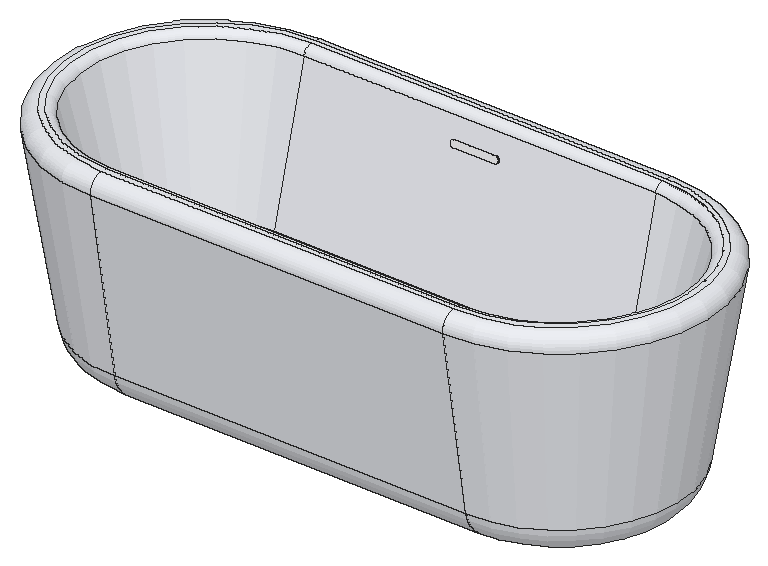
Revit family "Bathtub-Freestanding-American_Standard-Kipling_Ovale-2767.034", category Plumbing Fixtures, Revit 2014
Parameters (values of type "2767.034")
  cUPC Compliant = yes
  Width = 31 3/4"
  Water Connection Diameter = 2 1/8"
  Waste Connection = yes
  Warranty Information = "Limited Lifetime warranty"
  WFU = 4
  Vent Connection = no
  URL = "https://www.americanstandard-us.com/"
  Tub Finish = Acrylic-American Standard-020-High Gloss White
  Shipping Weight = 112 lbf
  Product Page URL = "https://www.americanstandard-us.com/bathroom/bathtubs/kipling-ovale-freestanding-tub-24520"
  Product Documentation Link = "https://www.americanstandard-us.com/-/media/specsheet_2767034020.pdf?la=en"
  Price = "Prices may vary. Please consult Manufacturer Representative for most up-to-date price list."  # constant formula
  Overflow Finish = Metal-American Standard-002-Polished Chrome
  Model = "2767.034"
  Material = "Acrylic-American Standard-020-High Gloss White"
  Manufacturer = "American Standard"
  Length = 69 5/8"
  Installation Type = "Floor Mount"
  Height = 23 5/8"
  HWFU = 3
  HW Connection = yes
  Description = "Kipling Ovale Freestanding Tub"
  Default Elevation = 0"
  Creation Date = "02/01/2018"  # constant formula
  CWFU = 3
  CW Connection = yes
  Assembly Code = "D2010510"
Reference planes (in)
  plane 1 "Center (Front/Back)": y = 0
  plane 2: z = 0
  plane 3 "Center (Left/Right)": x = 0
  plane 4: y = -31.75
  plane 5: x = 2.5625
  plane 6: x = -2.5625
  plane 7: z = 23.625
  plane 8: x = 34.8125
  plane 9: x = -34.8125
  plane 10: z = 6.25
  plane 11: y = -15.875
  plane 12: y = -3.125
  plane 13: y = -11
  plane 14: z = 20.5
  plane 15: x = 31.6875
Forms (in)
  Sweep 1, solid, material "Acrylic-American Standard-020-High Gloss White" <- "Tub Finish"
    path origin (0, 0, 0) x (1, 0, 0) y (0, 1, 0)
      loop
        line (18.9375, 0) -> (-18.9375, 0)
        arc (-18.9375, 0) -> (-34.8125, -15.875) -> (-18.9375, -31.75) r 15.875
        line (-18.9375, -31.75) -> (18.9375, -31.75)
        arc (18.9375, -31.75) -> (34.8125, -15.875) -> (18.9375, 0) r 15.875
    profile origin (0, 0, 0) x (0, -1, 0) y (0, 0, 1)
      loop
        line (6.86629, 0) -> (9.22656, 0) -> (9.22656, 6.25) -> (9.04183, 6.25)
        arc (9.04183, 6.25) -> (7.82431, 6.66329) -> (7.10998, 7.73236) r 2
        line (7.10998, 7.73236) -> (3.05016, 22.88382)
        arc (3.05016, 22.88382) -> (2.693, 23.41835) -> (2.08424, 23.625) r 1
        line (2.08424, 23.625) -> (1.49943, 23.625)
        arc (1.49943, 23.625) -> (0.35431, 23.09387) -> (0.02014, 21.87661) r 1.5
        line (0.02014, 21.87661) -> (3.16806, 3.12903)
        arc (3.16806, 3.12903) -> (4.44412, 0.88721) -> (6.86629, 0) r 3.75
  Extrusion 2, void
    sketch origin (0, 0, 0) x (1, 0, 0) y (0, 1, 0)
      loop
        circle (0, -11) r 1.0625
    from 0 to 7.71161
  Extrusion 3, solid, material "Metal-American Standard-002-Polished Chrome" <- "Overflow Finish"
    sketch origin (0, -9.46594, -17.8796) x (1, 0, 0) y (0, 0.244186, 0.969728)
      loop
        arc (-2.20004, 39.02191) -> (-2.5625, 38.65946) -> (-2.20004, 38.297) r 0.36246
        line (-2.20004, 38.297) -> (2.20004, 38.297)
        arc (2.20004, 38.297) -> (2.5625, 38.65946) -> (2.20004, 39.02191) r 0.36246
        line (2.20004, 39.02191) -> (-2.20004, 39.02191)
    from 3.5667 to 3.82748
  Extrusion 4, solid, material "Acrylic-American Standard-020-High Gloss White" <- "Tub Finish"
    sketch origin (0, 0, 0) x (1, 0, 0) y (0, 1, 0)
      loop
        arc (-18.9375, -9.22656) -> (-25.58594, -15.875) -> (-18.9375, -22.52344) r 6.64844
        line (-18.9375, -22.52344) -> (18.9375, -22.52344)
        arc (18.9375, -22.52344) -> (25.58594, -15.875) -> (18.9375, -9.22656) r 6.64844
        line (18.9375, -9.22656) -> (-18.9375, -9.22656)
    from 0 to 6.25
Cuts and joins
  Extrusion 2 cuts Sweep 1
  Extrusion 2 cuts Extrusion 4
  joined: Sweep 1, Extrusion 4
Lines and regions (in)
  Masking region 1
    outline origin (0, 0, 0) x (1, 0, 0) y (0, 1, 0)
      loop
        arc (-19.00682, 0) -> (-34.88182, -15.875) -> (-19.00682, -31.75) r 15.875
        line (-19.00682, -31.75) -> (18.93784, -31.75)
        arc (18.93784, -31.75) -> (34.81284, -15.875) -> (18.93784, 0) r 15.875
        line (18.93784, 0) -> (-19.00682, 0)
  symbolic lines, detail levels medium+fine
    curve 1: line (-19.00324, -2.97451, 0) -> (18.89873, -2.97451, 0)
    curve 2: line (-19.00324, -28.74515, 0) -> (18.89873, -28.74515, 0)
    curve 3: arc (-19.00324, -28.74515, 0) -> (-31.88856, -15.85983, 0) -> (-19.00324, -2.97451, 0) r 12.88532
    curve 4: arc (18.89873, -2.97451, 0) -> (31.78405, -15.85983, 0) -> (18.89873, -28.74515, 0) r 12.88532
  symbolic lines, detail levels fine
    curve 5: line (-18.99678, -7.2477, 0) -> (19.10682, -7.2477, 0)
    curve 6: line (-18.99678, -24.5377, 0) -> (19.10682, -24.5377, 0)
    curve 7: arc (-18.99678, -7.2477, 0) -> (-27.64178, -15.8927, 0) -> (-18.99678, -24.5377, 0) r 8.645
    curve 8: arc (19.10682, -24.5377, 0) -> (27.75181, -15.8927, 0) -> (19.10682, -7.2477, 0) r 8.645
    curve 9: circle (0, -11, 0) r 1.0625 normal (0, 0, 1)
    curve 10: line (-2.20004, -3.64894, 0) -> (2.20004, -3.64894, 0)
    curve 11: line (-2.2009, -3.58674, 0) -> (2.2009, -3.58674, 0)
    curve 12: line (-2.20004, -3.82596, 0) -> (2.20004, -3.82596, 0)
    curve 13: arc (-2.20004, -3.64894, 0) -> (-2.31222, -3.65544, 0) -> (-2.42381, -3.66852, 0) r 1.91109
    curve 14: arc (-2.42381, -3.66852, 0) -> (-2.47818, -3.68126, 0) -> (-2.52964, -3.70291, 0) r 0.33256
    curve 15: arc (-2.52964, -3.70291, 0) -> (-2.54476, -3.71247, 0) -> (-2.55813, -3.72437, 0) r 0.10955
    curve 16: arc (-2.55813, -3.72437, 0) -> (-2.56236, -3.74168, 0) -> (-2.55407, -3.75745, 0) r 0.02516
    curve 17: arc (-2.55407, -3.75745, 0) -> (-2.51022, -3.78567, 0) -> (-2.4599, -3.79938, 0) r 0.17108
    curve 18: arc (-2.4599, -3.79938, 0) -> (-2.3814, -3.81376, 0) -> (-2.30198, -3.82157, 0) r 0.95886
    curve 19: arc (-2.30198, -3.82157, 0) -> (-2.25103, -3.8241, 0) -> (-2.20004, -3.82596, 0) r 3.81882
    curve 20: line (-2.56254, -3.73861, 0) -> (-2.56254, -3.67864, 0)
    curve 21: arc (-2.56254, -3.67864, 0) -> (-2.55092, -3.65715, 0) -> (-2.53125, -3.64265, 0) r 0.05607
    curve 22: arc (-2.53125, -3.64265, 0) -> (-2.49011, -3.62308, 0) -> (-2.44602, -3.61162, 0) r 0.24046
    curve 23: arc (-2.44602, -3.61162, 0) -> (-2.3702, -3.59697, 0) -> (-2.29328, -3.59016, 0) r 0.7527
    curve 24: arc (-2.29328, -3.59016, 0) -> (-2.24712, -3.58759, 0) -> (-2.2009, -3.58674, 0) r 1.24992
    curve 25: arc (2.20004, -3.64894, 0) -> (2.31222, -3.65544, 0) -> (2.42381, -3.66852, 0) r 1.91109
    curve 26: arc (2.42381, -3.66852, 0) -> (2.47818, -3.68126, 0) -> (2.52964, -3.70291, 0) r 0.33256
    curve 27: arc (2.52964, -3.70291, 0) -> (2.54738, -3.7145, 0) -> (2.56254, -3.72929, 0) r 0.10955
    curve 28: arc (2.55813, -3.72437, 0) -> (2.56236, -3.74168, 0) -> (2.55407, -3.75745, 0) r 0.02516
    curve 29: arc (2.55407, -3.75745, 0) -> (2.51022, -3.78567, 0) -> (2.4599, -3.79938, 0) r 0.17108
    curve 30: arc (2.4599, -3.79938, 0) -> (2.3814, -3.81376, 0) -> (2.30198, -3.82157, 0) r 0.95886
    curve 31: arc (2.30198, -3.82157, 0) -> (2.25103, -3.8241, 0) -> (2.20004, -3.82596, 0) r 3.81882
    curve 32: line (2.56254, -3.73861, 0) -> (2.56254, -3.67864, 0)
    curve 33: arc (2.56254, -3.67864, 0) -> (2.55092, -3.65715, 0) -> (2.53125, -3.64265, 0) r 0.05607
    curve 34: arc (2.53125, -3.64265, 0) -> (2.49011, -3.62308, 0) -> (2.44602, -3.61162, 0) r 0.24046
    curve 35: arc (2.44602, -3.61162, 0) -> (2.3702, -3.59697, 0) -> (2.29328, -3.59016, 0) r 0.7527
    curve 36: arc (2.29328, -3.59016, 0) -> (2.24712, -3.58759, 0) -> (2.2009, -3.58674, 0) r 1.24992
Dimensions and locks (in)
  "Width": plane 4 to plane 1 "Center (Front/Back)"
  "Height": plane 7 to level
  plane 6 to plane 5 = 5 1/8"
  "Length": plane 9 to plane 8
  plane 7 to plane 10 = 17 3/8"
  plane 15 to plane 8 = 3 1/8"
Automatic sketch dimensions
  plane 1 "Center (Front/Back)" to Sweep 1 sketch curve = 0"
  plane 4 to Sweep 1 sketch curve = 0"
  Sweep 1 sketch curve to plane 9 = 15 7/8"
  Sweep 1 sketch curve to plane 8 = 15 7/8"
  Sweep 1 sketch curve to level = 0"
  Sweep 1 sketch curve to profile plane = 0.02014"
  Sweep 1 sketch curve to plane 12 = 1.62557"
  Sweep 1 sketch curve to plane 12 = 1.04076"
  Sweep 1 sketch curve to plane 12 = 0.07484"
  plane 12 to Sweep 1 sketch curve = 0.04306"
  plane 12 to Sweep 1 sketch curve = 3.74129"
  Sweep 1 sketch curve to Sweep 1 sketch curve = 0.24369"
  Sweep 1 sketch curve to Sweep 1 sketch curve = 1.93185"
  Sweep 1 sketch curve to Sweep 1 sketch curve = 0.18473"
  level to Sweep 1 sketch curve = 3.12903"
  Sweep 1 sketch curve to Sweep 1 sketch curve = 2 1/2"
  Sweep 1 sketch curve to Sweep 1 sketch curve = 1.48236"
  Sweep 1 sketch curve to Sweep 1 sketch curve = 14.14425"
  Sweep 1 sketch curve to Sweep 1 sketch curve = 0.24839"
  Sweep 1 sketch curve to Sweep 1 sketch curve = 1/2"
  Extrusion 2 sketch curve to plane 3 "Center (Left/Right)" = 0"
  plane 13 to Extrusion 2 sketch curve = 0"
  plane 11 to Extrusion 4 sketch curve = 0"
  Extrusion 4 sketch curve to plane 9 = 15 7/8"
  Extrusion 4 sketch curve to plane 13 = 1 99/128"
  Extrusion 4 sketch curve to plane 8 = 15 7/8"
  Extrusion 3 sketch curve to plane 6 = 0.36246"
  Extrusion 3 sketch curve to plane 5 = 0.36246"
  Extrusion 3 sketch curve to Extrusion 3 sketch curve = 0.36246"
  plane 1 "Center (Front/Back)" to Masking region 1 sketch curve = 0"
  plane 4 to Masking region 1 sketch curve = 0"
  plane 15 to Masking region 1 sketch curve = 12.74966"
  Masking region 1 sketch curve to plane 9 = 15.80568"
  curve 9 to plane 3 "Center (Left/Right)" = 0"
  plane 13 to curve 9 = 0"
  plane 1 "Center (Front/Back)" to curve 19 = 0.00881"
  curve 19 to plane 6 = 0.47569"
  curve 13 to plane 6 = 0.41684"
  curve 12 to plane 6 = 0.36246"
  curve 10 to curve 19 = 0"
  curve 11 to curve 10 = 0.00085"
  curve 18 to plane 6 = 0.31454"
  curve 23 to plane 6 = 0.29705"
  curve 14 to plane 6 = 0.18709"
  curve 22 to curve 14 = 0.03246"
  curve 17 to plane 6 = 0.12187"
  curve 15 to plane 6 = 0.08366"
  curve 21 to plane 6 = 0.0539"
  curve 16 to plane 6 = 0.02512"
  plane 6 to curve 20 = 0.00004"
  curve 6 to plane 4 = 7.2123"
  curve 6 to plane 9 = 15.81572"
  curve 3 to plane 11 = 0.01517"
  curve 3 to curve 7 = 0.00645"
  plane 1 "Center (Front/Back)" to curve 31 = 0.00881"
  curve 31 to plane 5 = 0.47569"
  curve 25 to plane 5 = 0.41684"
  curve 12 to plane 5 = 0.36246"
  curve 10 to curve 31 = 0"
  curve 36 to plane 5 = 0.3616"
  curve 30 to plane 5 = 0.31454"
  curve 35 to plane 5 = 0.29705"
  curve 26 to plane 5 = 0.18709"
  curve 26 to curve 34 = 0.03246"
  curve 29 to plane 5 = 0.12187"
  curve 27 to plane 5 = 0.08366"
  curve 33 to plane 5 = 0.0539"
  curve 28 to plane 5 = 0.02512"
  plane 5 to curve 32 = 0.00004"
  curve 2 to plane 4 = 3.00485"
  plane 15 to curve 2 = 12.78877"
  curve 1 to curve 5 = 0.20809"
  plane 11 to curve 7 = 0.0177"
  curve 13 to plane 13 = 5.44074"
  curve 13 to curve 25 = 0"
  curve 13 to curve 24 = 0.7226"
  curve 25 to curve 36 = 0.7226"
  curve 24 to curve 23 = 0.49432"
  curve 36 to curve 35 = 0.49432"
  curve 23 to curve 14 = 0.34481"
  curve 35 to curve 26 = 0.34481"
  curve 14 to curve 22 = 0.14849"
  curve 26 to curve 34 = 0.14849"
  curve 34 to curve 12 = 0.02309"
  curve 22 to curve 15 = 0.04908"
  curve 34 to curve 27 = 0.04908"
  curve 27 to curve 28 = 0.06135"
  curve 15 to curve 16 = 0.06135"
  curve 16 to curve 21 = 0.04467"
  curve 28 to curve 33 = 0.04467"
  curve 21 to curve 20 = 0.0153"
  curve 33 to curve 32 = 0.0153"
  curve 19 to curve 10 = 0.17701"
  curve 25 to curve 29 = 0.03914"
  curve 13 to curve 17 = 0.03914"
  curve 10 to curve 11 = 0.0622"
  curve 24 to curve 18 = 0.7225"
  curve 36 to curve 30 = 0.7225"
  curve 23 to curve 11 = 0.09239"
  curve 18 to curve 19 = 0"
  curve 14 to curve 13 = 0"
  curve 23 to curve 17 = 0.00539"
  curve 15 to curve 18 = 0.01894"
  curve 15 to curve 14 = 0"
  curve 11 to curve 36 = 0.09239"
  curve 30 to curve 31 = 0"
  curve 26 to curve 25 = 0"
  curve 29 to curve 34 = 0.00539"
  curve 29 to curve 27 = 0.01894"
  curve 27 to curve 26 = 0"
  curve 28 to plane 5 = 0.00437"
  curve 20 to curve 16 = 0.01424"
  curve 32 to curve 27 = 0.00932"
  radius of Extrusion 2 sketch curve = 1 1/16"
  radius of curve 9 = 1 1/16"
Connectors (in)
  piping at (0, -11, 0), diameter 2.125, driven by "WFU", driven by "Water Connection Diameter"
    settings: on cut or joined group of Sweep 1, Extrusion 2, Extrusion 4, index 1, connector inside diameter 24", connector length 0", flow factor 0, pipe flow 0 GPM, pressure drop 0.00 psi, fitting loss kfactor 0, connector angle 0.00°, fixture units 4, engagement length 0", angle of deflection 0.00°, flow configuration 3, flow direction 2, fitting loss method 0, system type 16, joint type 0, gender type 0, connector reference index -1, connector utility 0, adjustable connector no, is connector primary yes, connector description "2-1/8\" Waste Outlet"
